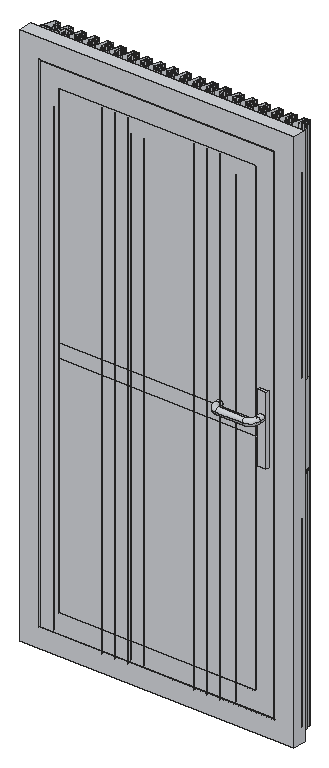
Revit family "NLRS_31_DO_WB_VS42 enkele deur-AV_jazo_jazo", category Doors, host Wall, Revit 2020 (continued)
Definition of nested family "NLRS_31_GM_UN_aluminium planken opbouwroosters-AV"
  Definition of nested family "NLRS_31_GM_UN_tussenplank 200 horizontaal-AV"
    Forms (mm)
      Extrusion 1, solid, material <- "NLRS_C_materiaal"
        sketch origin (0, 0, 0) x (0, 1, 0) y (0, 0, 1)
          loop
            line (-13.008, 105.907) -> (12.992, 105.907) -> (12.992, 197.515) -> (10.742, 197.515) -> (10.742, 202.3) -> (-10.758, 202.3) -> (-10.758, 197.515) -> (-13.008, 197.515) -> (-13.008, 105.907)
        from -513.5 to 513.5
    Dimensions and locks
      equal spacing: plane 5 "Left", plane 3 "Center (Left/Right)", plane 6 "Right"
      "NLRS_C_breedte": plane 5 "Left" to plane 6 "Right"
      "NLRS_C_hoogte": plane 4 "Top" to plane 2 "Bottom"
      equal spacing: plane 4 "Top", plane 7 "Center (Elevation)", level
      aligned and locked: level to plane 2 "Bottom"
      aligned and locked: plane 5 "Left" to Extrusion 1
      aligned and locked: Extrusion 1 to plane 6 "Right"
    Automatic sketch dimensions
      plane 1 "Center (Front/Back)" to Extrusion 1 sketch curve = 15.008 mm
      Extrusion 1 sketch curve to Extrusion 1 sketch curve = 0 mm  (x5)
      Extrusion 1 sketch curve to Extrusion 1 sketch curve = 0.707 mm  (x2)
      Extrusion 1 sketch curve to Extrusion 1 sketch curve = 2 mm  (x8)
      Extrusion 1 sketch curve to Extrusion 1 sketch curve = 1.293 mm
      Extrusion 1 sketch curve to Extrusion 1 sketch curve = 2.5 mm  (x2)
      Extrusion 1 sketch curve to Extrusion 1 sketch curve = 1.75 mm  (x2)
      Extrusion 1 sketch curve to Extrusion 1 sketch curve = 3.565 mm
      Extrusion 1 sketch curve to Extrusion 1 sketch curve = 5.815 mm
      Extrusion 1 sketch curve to Extrusion 1 sketch curve = 14.385 mm  (x2)
      level to Extrusion 1 sketch curve = 18.2 mm  (x2)
      Extrusion 1 sketch curve to Extrusion 1 sketch curve = 3.3 mm
      Extrusion 1 sketch curve to Extrusion 1 sketch curve = 3.55 mm
      Extrusion 1 sketch curve to Extrusion 1 sketch curve = 5.8 mm
      Extrusion 1 sketch curve to Extrusion 1 sketch curve = 1.292 mm
      Extrusion 1 sketch curve to Extrusion 1 sketch curve = 0.708 mm  (x3)
      Extrusion 1 sketch curve to Extrusion 1 sketch curve = 8.2 mm
      Extrusion 1 sketch curve to Extrusion 1 sketch curve = 2.515 mm
      Extrusion 1 sketch curve to Extrusion 1 sketch curve = 4.79 mm  (x2)
      Extrusion 1 sketch curve to Extrusion 1 sketch curve = 3.21 mm  (x2)
      level to Extrusion 1 sketch curve = 101.793 mm
      Extrusion 1 sketch curve to Extrusion 1 sketch curve = 0.003 mm
      Extrusion 1 sketch curve to Extrusion 1 sketch curve = 1.407 mm
      Extrusion 1 sketch curve to Extrusion 1 sketch curve = 91.607 mm
      Extrusion 1 sketch curve to Extrusion 1 sketch curve = 2.785 mm
      Extrusion 1 sketch curve to Extrusion 1 sketch curve = 0.62 mm  (x2)
      Extrusion 1 sketch curve to Extrusion 1 sketch curve = 2.7 mm
Definition of nested family "NLRS_31_DI_UN_markering"
  Parameters (values of type "NLRS_C_31_DI_markering")
    URL = "www.jazo.com"
    NLRS_C_zichtbaar_01 = if(or(NLRS_C_brandwerend, NLRS_C_zelfsluitend), 1 < 2, 2 < 1)  # no
    NLRS_C_zelfsluitend = no
    NLRS_C_brandwerend = no
    Manufacturer = "JAZO Zevenaar bv"
    Description = "Markering detail"
  Reference planes
    plane 1 "Center (Front/Back)": y = 0
    plane 2: z = 0
    plane 3 "Center (Left/Right)": x = 0
    plane 4 "voorkant kozijn": y = 30
    plane 5 "achterkant kozijn": y = -30
    plane 6 "Right": x = 20
    plane 7 "Left": x = -20
    plane 8 "offset left": x = -25
    plane 9 "offset right": x = 25
    plane 10 "achterkant": y = -129.538
    plane 11 "voorkant": y = 129.538
  Lines and regions (mm)
    detail lines, in view "Ref. Level", visible <- "NLRS_C_zichtbaar_01"
      curve 1: line (0, -129.538, 0) -> (0, 129.538, 0)
    detail lines, in view "Ref. Level", visible <- "NLRS_C_brandwerend"
      curve 2: line (-20, -129.538, 0) -> (20, -101.53, 0)
      curve 3: line (20, -129.538, 0) -> (-20, -101.53, 0)
      curve 4: line (-20, -101.53, 0) -> (20, -73.522, 0)
      curve 5: line (20, -101.53, 0) -> (-20, -73.522, 0)
      curve 6: line (-20, 129.538, 0) -> (20, 101.53, 0)
      curve 7: line (20, 129.538, 0) -> (-20, 101.53, 0)
      curve 8: line (-20, 101.53, 0) -> (20, 73.522, 0)
      curve 9: line (20, 101.53, 0) -> (-20, 73.522, 0)
    detail lines, in view "Ref. Level", visible <- "NLRS_C_zelfsluitend"
      curve 10: line (-25, -70.021, 0) -> (25, -35.01, 0)
      curve 11: line (25, -35.01, 0) -> (-25, 0, 0)
      curve 12: line (-25, 0, 0) -> (25, 35.01, 0)
      curve 13: line (25, 35.01, 0) -> (-25, 70.021, 0)
  Dimensions and locks
    equal spacing: plane 5 "achterkant kozijn", plane 1 "Center (Front/Back)", plane 4 "voorkant kozijn"
    equal spacing: plane 7 "Left", plane 3 "Center (Left/Right)", plane 6 "Right"
    locked: plane 7 "Left" to plane 6 "Right" at 40
    locked: plane 8 "offset left" to plane 7 "Left" at 5
    locked: plane 6 "Right" to plane 9 "offset right" at 5
    equal spacing: plane 11 "voorkant", plane 1 "Center (Front/Back)", plane 10 "achterkant"
    locked: plane 11 "voorkant" to plane 10 "achterkant" at 259.077
    locked: plane 5 "achterkant kozijn" to plane 4 "voorkant kozijn" at 60
    aligned and locked: plane 3 "Center (Left/Right)" to curve 1
  Automatic sketch dimensions
    curve 12 to plane 8 "offset left" = 0 mm
    curve 10 to plane 8 "offset left" = 0 mm
    curve 13 to plane 8 "offset left" = 0 mm
    curve 3 to plane 7 "Left" = 0 mm
    curve 8 to plane 7 "Left" = 0 mm
    curve 9 to plane 7 "Left" = 0 mm
    curve 5 to plane 7 "Left" = 0 mm
    curve 6 to plane 7 "Left" = 0 mm
    curve 8 to plane 6 "Right" = 0 mm
    curve 9 to plane 6 "Right" = 0 mm
    curve 7 to plane 6 "Right" = 0 mm
    curve 2 to plane 6 "Right" = 0 mm
    curve 3 to plane 6 "Right" = 0 mm
    curve 4 to plane 6 "Right" = 0 mm
    curve 13 to plane 9 "offset right" = 0 mm
    curve 11 to plane 9 "offset right" = 0 mm
    plane 5 "achterkant kozijn" to curve 3 = 71.53 mm
    curve 3 to curve 2 = 0 mm
    plane 5 "achterkant kozijn" to curve 10 = 5.01 mm
    plane 1 "Center (Front/Back)" to curve 12 = 0 mm
    curve 12 to plane 4 "voorkant kozijn" = 5.01 mm
    curve 12 to curve 6 = 66.52 mm
    curve 7 to curve 6 = 0 mm
    curve 3 to curve 2 = 28.008 mm
    curve 2 to curve 4 = 28.008 mm
    curve 3 to curve 5 = 28.008 mm
    curve 5 to curve 10 = 3.501 mm
    curve 13 to curve 7 = 31.509 mm
    curve 8 to curve 6 = 28.008 mm
    curve 13 to curve 9 = 3.501 mm
    curve 7 to curve 1 = 28.008 mm
    curve 6 to curve 1 = 0 mm
    curve 1 to curve 7 = 0 mm
    curve 2 to plane 7 "Left" = 0 mm
    curve 2 to curve 3 = 28.008 mm
    curve 1 to curve 3 = 0 mm
Definition of nested family "NLRS_31_GA_UN_error message"
  Parameters (values of type "NLRS_31_GA_UN_error mesage")
    NLRS_C_zichtbaar_10 = if(NLRS_C_zichtbaar_01, 1 < 2, if(NLRS_C_zichtbaar_02, 1 < 2, if(NLRS_C_zichtbaar_03, 1 < 2, if(NLRS_C_zichtbaar_04, 1 < 2, if(NLRS_C_zichtbaar_05, 1 < 2, 2 < 1)))))  # yes
    NLRS_C_zichtbaar_05 = if(and(JAZO_C_aluminium kozijn, NLRS_C_brandwerend), 1 < 2, 2 < 1)  # yes
    NLRS_C_zichtbaar_04 = if(NLRS_C_breedte < NLRS_C_breedte_min, 1 < 2, 2 < 1)  # no
    NLRS_C_zichtbaar_03 = if(NLRS_C_breedte > NLRS_C_breedte_max, 1 < 2, 2 < 1)  # no
    NLRS_C_zichtbaar_02 = if(NLRS_C_hoogte < NLRS_C_hoogte_min, 1 < 2, 2 < 1)  # no
    NLRS_C_zichtbaar_01 = if(NLRS_C_hoogte > NLRS_C_hoogte_max, 1 < 2, 2 < 1)  # no
    NLRS_C_hoogte_min = 1850 mm
    NLRS_C_hoogte_max = 2645 mm
    NLRS_C_hoogte = 2500 mm
    NLRS_C_breedte_min = 850 mm
    NLRS_C_breedte_max = 1661 mm
    NLRS_C_breedte = 1000 mm
    NLRS_C_brandwerend = yes
    JAZO_C_aluminium kozijn = yes
  Reference planes
    plane 1: y = 0
    plane 2: x = 0
  Lines and regions (mm)
    Filled region 1, type "Zwart", not visible
      outline origin (253.64, 140.595, 0) x (1, 0, 0) y (0, 1, 0)
        loop
          line (134.592, 287.146) -> (41.891, 131.062)
          arc (41.891, 131.062) -> (41.863, 128.047) -> (44.47, 126.53) r 3
          line (44.47, 126.53) -> (229.873, 126.53)
          arc (229.873, 126.53) -> (232.48, 128.047) -> (232.452, 131.062) r 3
          line (232.452, 131.062) -> (139.751, 287.146)
          arc (139.751, 287.146) -> (137.171, 288.614) -> (134.592, 287.146) r 3
        loop
          line (62.04, 139.53) -> (212.303, 139.53) -> (137.171, 266.031) -> (62.04, 139.53)
    Filled region 2, type "Geel", not visible
      outline origin (253.64, 140.595, 0) x (1, 0, 0) y (0, 1, 0)
        loop
          line (62.04, 139.53) -> (212.303, 139.53) -> (137.171, 266.031) -> (62.04, 139.53)
    Filled region 3, type "Zwart", not visible
      outline origin (253.64, 140.595, 0) x (1, 0, 0) y (0, 1, 0)
        loop
          line (127.78, 234.406) -> (132.476, 171.156) -> (141.867, 171.156) -> (146.563, 234.406) -> (127.78, 234.406)
        loop
          circle (137.171, 160.994) r 7.044
    Filled region 4, type "Rood 2", visible <- "NLRS_C_zichtbaar_10"
      outline origin (0, 0, 0) x (1, 0, 0) y (0, 1, 0)
        loop
          line (-50, 14) -> (-50, -14) -> (50, -14) -> (50, 14) -> (-50, 14)
  Text (mm)
    text "Error: Height > Max Height" at (-1.89, -0.035, 0), visible <- "NLRS_C_zichtbaar_01"
    text "Error: Height < Min Height" at (-1.89, -0.035, 0), visible <- "NLRS_C_zichtbaar_02"
    text "Error: Width > Max Width" at (-1.89, -6.035, 0), visible <- "NLRS_C_zichtbaar_03"
    text "Error: Width < Min Width" at (-1.89, -6.035, 0), visible <- "NLRS_C_zichtbaar_04"
    text "Error: Aluminium kozijn ≠ brandwerend" at (-1.89, 5.965, 0), visible <- "NLRS_C_zichtbaar_05"
  Dimensions and locks
    equal spacing: Filled region 4 sketch curve, plane 1, Filled region 4 sketch curve
    Filled region 4 sketch curve to Filled region 4 sketch curve = 28 mm
    plane 1 to Filled region 4 sketch curve = 14 mm
    equal spacing: Filled region 4 sketch curve, plane 2, Filled region 4 sketch curve
    Filled region 4 sketch curve to plane 2 = 50 mm
Definition of nested family "NLRS_31_DI_UN_scharnier detail HS42R HJ44"
  Parameters (values of type "scharnier detail HS42R HJ44")
    URL = "www.jazo.com"
    Manufacturer = "JAZO Zevenaar bv"
    JAZO_C_forster presto kozijn = yes
    JAZO_C_aluminium kozijn = no
    Description = "scharnier detail HS42R HJ44"
  Reference planes
    plane 1 "Center (Front/Back)": y = 0
    plane 2: z = 0
    plane 3 "Center (Left/Right)": x = 0
    plane 4 "offset": x = 20
  Lines and regions (mm)
    Filled region 1, type "Solid Fill - White", in view "Ref. Level", visible <- "JAZO_C_forster presto kozijn"
      outline origin (0, 0, 0) x (1, 0, 0) y (0, 1, 0)
        loop
          line (95, 0) -> (95, 6)
          arc (95, 6) -> (93.536, 9.536) -> (90, 11) r 5
          line (90, 11) -> (33, 11)
          arc (33, 11) -> (27.343, 13.343) -> (25, 19) r 8
          line (25, 19) -> (25, 44.5) -> (15, 44.5) -> (15, 6) -> (19, 2) -> (44.5, 2) -> (44.5, 0) -> (95, 0)
        loop
          line (15.5, 49.5) -> (24.5, 49.5) -> (24.5, 58.5) -> (15.5, 58.5) -> (15.5, 49.5)
    Filled region 2, type "Solid Fill - White", in view "Ref. Level", visible <- "JAZO_C_forster presto kozijn"
      outline origin (0, -20, 0) x (1, 0, 0) y (0, 1, 0)
        loop
          circle (20, 74) r 9.5
    Filled region 3, type "Solid Fill - White", in view "Ref. Level", visible <- "JAZO_C_aluminium kozijn"
      outline origin (20.01, 61.5, 0) x (1, 0, 0) y (0, 1, 0)
        loop
          arc (-4, -61.5) -> (-3.293, -61.207) -> (-3, -60.5) r 1
          line (-3, -60.5) -> (-3, -12.49)
          arc (-3, -12.49) -> (-2.247, -10.702) -> (-0.442, -9.991) r 2.5
          arc (-0.442, -9.991) -> (1.661, -9.859) -> (3.69, -9.29) r 10
          arc (3.69, -9.29) -> (6.549, -9.038) -> (9.076, -10.4) r 5
          line (9.076, -10.4) -> (12.99, -14.314) -> (12.99, -60.5)
          arc (12.99, -60.5) -> (13.283, -61.207) -> (13.99, -61.5) r 1
          line (13.99, -61.5) -> (19.99, -61.5)
          arc (19.99, -61.5) -> (20.697, -61.207) -> (20.99, -60.5) r 1
          line (20.99, -60.5) -> (20.99, -11) -> (9.99, 0)
          arc (9.99, 0) -> (-1.629, 9.868) -> (-9.486, -3.195) r 10
          arc (-9.486, -3.195) -> (-9.518, -3.668) -> (-9.764, -4.074) r 1
          line (-9.764, -4.074) -> (-13, -7.31) -> (-13, -60.5)
          arc (-13, -60.5) -> (-12.707, -61.207) -> (-12, -61.5) r 1
          line (-12, -61.5) -> (-4, -61.5)
    detail lines, in view "Ref. Level", visible <- "JAZO_C_forster presto kozijn"
      curve 1: arc (11, 54, 0) -> (20, 45, 0) -> (29, 54, 0) r 9
      curve 2: arc (11.5, 54, 0) -> (20, 45.5, 0) -> (28.5, 54, 0) r 8.5
      curve 3: arc (28.5, 54, 0) -> (20, 62.5, 0) -> (11.5, 54, 0) r 8.5
      curve 4: arc (29, 54, 0) -> (20, 63, 0) -> (11, 54, 0) r 9
    detail lines, in view "Ref. Level", visible <- "JAZO_C_aluminium kozijn"
      curve 5: arc (10.524, 58.305, 0) -> (14.168, 53.376, 0) -> (20.004, 51.5, 0) r 10
      curve 6: arc (23.526, 52.137, 0) -> (28.23, 55.798, 0) -> (30.015, 61.485, 0) r 10
  Dimensions and locks
    locked: plane 3 "Center (Left/Right)" to plane 4 "offset" at 20
Definition of nested family "NLRS_31_GM_UN_scharnier aluminium HS42R HJ44-AV"
  Parameters (values of type "scharnier aluminium HS42R HJ44")
    URL = "www.jazo.com"
    NLRS_C_materiaal = none
    Model = ""
    Manufacturer = "JAZO Zevenaar bv"
    JAZO_C_aluminium kozijn = no
    Description = "scharnier aluminium HS42R HJ44"
    Default Elevation = 0 mm
    Assembly Code = "23.30.40.24.11"
  Reference planes
    plane 1 "Center (Front/Back)": y = 0
    plane 2 "Bottom": z = 0
    plane 3 "Center (Left/Right)": x = 0
    plane 4 "voorkant kozijn": y = -61.5
    plane 5 "Top": z = 180
    plane 6 "Left": x = -20
    plane 7 "Center (Elevation)": z = 90
  Forms (mm)
    Extrusion 1, solid, material <- "NLRS_C_materiaal", visible <- "JAZO_C_aluminium kozijn"
      sketch origin (-333.442, 147.952, 0) x (0, -1, 0) y (1, 0, 0)
        loop
          arc (157.242, 337.147) -> (138.898, 337.692) -> (151.05, 323.939) r 10
          arc (151.05, 323.939) -> (151.573, 323.943) -> (152.026, 323.683) r 1
          line (152.026, 323.683) -> (155.262, 320.447) -> (208.452, 320.447)
          arc (208.452, 320.447) -> (209.159, 320.74) -> (209.452, 321.447) r 1
          line (209.452, 321.447) -> (209.452, 329.447)
          arc (209.452, 329.447) -> (209.159, 330.154) -> (208.452, 330.447) r 1
          line (208.452, 330.447) -> (160.442, 330.447)
          arc (160.442, 330.447) -> (158.639, 331.215) -> (157.944, 333.047) r 2.5
          arc (157.944, 333.047) -> (157.809, 335.134) -> (157.242, 337.147) r 10
      from 52.5 to 127.5
    Extrusion 2, solid, material <- "NLRS_C_materiaal", visible <- "JAZO_C_aluminium kozijn"
      sketch origin (-333.449, 147.952, 0) x (0, -1, 0) y (1, 0, 0)
        loop
          arc (147.952, 343.447) -> (142.34, 325.17) -> (157.242, 337.147) r 10
          arc (157.242, 337.147) -> (156.99, 340.006) -> (158.352, 342.533) r 5
          line (158.352, 342.533) -> (162.266, 346.447) -> (208.452, 346.447)
          arc (208.452, 346.447) -> (209.159, 346.74) -> (209.452, 347.447) r 1
          line (209.452, 347.447) -> (209.452, 353.447)
          arc (209.452, 353.447) -> (209.159, 354.154) -> (208.452, 354.447) r 1
          line (208.452, 354.447) -> (158.952, 354.447) -> (147.952, 343.447)
      from 130 to 180
    Extrusion 3, solid, material <- "NLRS_C_materiaal", visible <- "JAZO_C_aluminium kozijn"
      sketch origin (-333.452, 147.952, 0) x (0, -1, 0) y (1, 0, 0)
        loop
          arc (147.952, 343.447) -> (142.34, 325.17) -> (157.242, 337.147) r 10
          arc (157.242, 337.147) -> (156.99, 340.006) -> (158.352, 342.533) r 5
          line (158.352, 342.533) -> (162.266, 346.447) -> (208.452, 346.447)
          arc (208.452, 346.447) -> (209.159, 346.74) -> (209.452, 347.447) r 1
          line (209.452, 347.447) -> (209.452, 353.447)
          arc (209.452, 353.447) -> (209.159, 354.154) -> (208.452, 354.447) r 1
          line (208.452, 354.447) -> (158.952, 354.447) -> (147.952, 343.447)
      from 0 to 50
    Extrusion 4, solid, material <- "NLRS_C_materiaal", visible <- "JAZO_C_aluminium kozijn"
      sketch origin (-333.449, 147.952, 0) x (0, -1, 0) y (1, 0, 0)
        loop
          circle (147.952, 333.447) r 10
      from 50 to 52.5
    Extrusion 5, solid, material <- "NLRS_C_materiaal", visible <- "JAZO_C_aluminium kozijn"
      sketch origin (-333.447, 147.952, 0) x (0, -1, 0) y (1, 0, 0)
        loop
          circle (147.952, 333.447) r 10
      from 127.5 to 130
  Dimensions and locks
    locked: plane 6 "Left" to plane 3 "Center (Left/Right)" at 20
    locked: plane 4 "voorkant kozijn" to plane 1 "Center (Front/Back)" at 61.5
    equal spacing: plane 5 "Top", plane 7 "Center (Elevation)", plane 2 "Bottom"
    aligned and locked: level to plane 2 "Bottom"
    aligned and locked: Extrusion 2 to plane 4 "voorkant kozijn"
    aligned and locked: Extrusion 3 to plane 4 "voorkant kozijn"
    aligned and locked: Extrusion 1 to plane 4 "voorkant kozijn"
  Automatic sketch dimensions
    Extrusion 1 sketch curve to Extrusion 1 sketch curve = 0 mm  (x3)
    plane 4 "voorkant kozijn" to Extrusion 1 sketch curve = 0 mm
    Extrusion 1 sketch curve to plane 4 "voorkant kozijn" = 1 mm  (x2)
    Extrusion 1 sketch curve to plane 3 "Center (Left/Right)" = 2.995 mm
    plane 1 "Center (Front/Back)" to Extrusion 1 sketch curve = 12.49 mm
    plane 1 "Center (Front/Back)" to Extrusion 1 sketch curve = 7.31 mm
    plane 1 "Center (Front/Back)" to Extrusion 1 sketch curve = 4.074 mm
    Extrusion 1 sketch curve to Extrusion 1 sketch curve = 0.707 mm  (x2)
    plane 1 "Center (Front/Back)" to Extrusion 1 sketch curve = 0 mm
    Extrusion 1 sketch curve to plane 3 "Center (Left/Right)" = 9.759 mm
    Extrusion 1 sketch curve to Extrusion 1 sketch curve = 8 mm
    Extrusion 1 sketch curve to plane 3 "Center (Left/Right)" = 0.495 mm
    plane 3 "Center (Left/Right)" to Extrusion 1 sketch curve = 0.005 mm
    plane 3 "Center (Left/Right)" to Extrusion 1 sketch curve = 3.705 mm
    plane 1 "Center (Front/Back)" to Extrusion 2 sketch curve = 0 mm
    plane 4 "voorkant kozijn" to Extrusion 2 sketch curve = 0 mm
    plane 1 "Center (Front/Back)" to Extrusion 2 sketch curve = 10.4 mm
    plane 1 "Center (Front/Back)" to Extrusion 2 sketch curve = 11 mm
    Extrusion 2 sketch curve to Extrusion 2 sketch curve = 3.536 mm  (x2)
    Extrusion 2 sketch curve to Extrusion 2 sketch curve = 3.914 mm  (x2)
    Extrusion 2 sketch curve to plane 4 "voorkant kozijn" = 1 mm  (x2)
    Extrusion 2 sketch curve to plane 3 "Center (Left/Right)" = 0.003 mm
    plane 3 "Center (Left/Right)" to Extrusion 2 sketch curve = 5.548 mm
    Extrusion 2 sketch curve to Extrusion 2 sketch curve = 6 mm
    plane 3 "Center (Left/Right)" to Extrusion 2 sketch curve = 3.698 mm
    Extrusion 2 sketch curve to Extrusion 2 sketch curve = 0 mm
    plane 4 "voorkant kozijn" to Extrusion 3 sketch curve = 0 mm
    Extrusion 3 sketch curve to plane 4 "voorkant kozijn" = 1 mm  (x2)
    plane 1 "Center (Front/Back)" to Extrusion 3 sketch curve = 14.314 mm
    Extrusion 3 sketch curve to Extrusion 3 sketch curve = 0.378 mm
    Extrusion 3 sketch curve to Extrusion 3 sketch curve = 3.314 mm
    Extrusion 3 sketch curve to Extrusion 3 sketch curve = 3.536 mm  (x2)
    Extrusion 3 sketch curve to plane 1 "Center (Front/Back)" = 0 mm
    Extrusion 3 sketch curve to plane 3 "Center (Left/Right)" = 0.005 mm
    plane 3 "Center (Left/Right)" to Extrusion 3 sketch curve = 5.545 mm
    Extrusion 3 sketch curve to Extrusion 3 sketch curve = 3.914 mm
    Extrusion 3 sketch curve to Extrusion 3 sketch curve = 6 mm
    plane 3 "Center (Left/Right)" to Extrusion 3 sketch curve = 3.695 mm
    Extrusion 3 sketch curve to Extrusion 3 sketch curve = 0 mm
    Extrusion 4 sketch curve to plane 1 "Center (Front/Back)" = 0 mm
    Extrusion 4 sketch curve to plane 3 "Center (Left/Right)" = 0.003 mm
    plane 1 "Center (Front/Back)" to Extrusion 5 sketch curve = 0 mm
    Extrusion 5 sketch curve to plane 3 "Center (Left/Right)" = 0 mm
    radius of Extrusion 4 sketch curve = 10 mm
    radius of Extrusion 5 sketch curve = 10 mm
Definition of nested family "NLRS_31_DI_UN_beslagbak detail VS42"
  Parameters (values of type "beslagbak detail VS42")
    URL = "www.jazo.com"
    Manufacturer = "JAZO Zevenaar bv"
    JAZO_C_opbouwrooster VS42 = yes
    JAZO_C_forster presto kozijn = yes
    JAZO_C_aluminium kozijn = no
    Description = "beslagbak detail VS42"
  Reference planes
    plane 1 "Center (Front/Back)": y = 0
    plane 2: z = 0
    plane 3 "Center (Left/Right)": x = 0
    plane 4 "offset rechts": x = 84.4
    plane 5 "alu": y = -70.992
    plane 6 "st": y = -90.992
    plane 7: y = 20
  Lines and regions (mm)
    Filled region 1, type "Solid Fill - White", in view "Ref. Level", visible <- "JAZO_C_aluminium kozijn"
      outline origin (0, 41.508, 0) x (1, 0, 0) y (0, 1, 0)
        loop
          line (11, -124.5) -> (16, -124.5) -> (16, -112.5) -> (-16, -112.5) -> (-16, -124.5) -> (-11, -124.5) -> (-11, -146.5)
          arc (-11, -146.5) -> (-15.027, -156.222) -> (-24.749, -160.249) r 13.749
          line (-24.749, -160.249) -> (-120.749, -160.249)
          arc (-120.749, -160.249) -> (-130.471, -156.222) -> (-134.497, -146.5) r 13.749
          line (-134.497, -146.5) -> (-134.497, -135.5) -> (-156.497, -135.5) -> (-156.497, -146.5)
          arc (-156.497, -146.5) -> (-146.027, -171.778) -> (-120.749, -182.249) r 35.749
          line (-120.749, -182.249) -> (-24.749, -182.249)
          arc (-24.749, -182.249) -> (0.529, -171.778) -> (11, -146.5) r 35.749
          line (11, -146.5) -> (11, -124.5)
    Filled region 2, type "Solid Fill - White", in view "Ref. Level", visible <- "JAZO_C_forster presto kozijn"
      outline origin (0, 21.508, 0) x (1, 0, 0) y (0, 1, 0)
        loop
          line (11, -124.5) -> (16, -124.5) -> (16, -112.5) -> (-16, -112.5) -> (-16, -124.5) -> (-11, -124.5) -> (-11, -146.5)
          arc (-11, -146.5) -> (-15.027, -156.222) -> (-24.749, -160.249) r 13.749
          line (-24.749, -160.249) -> (-120.749, -160.249)
          arc (-120.749, -160.249) -> (-130.471, -156.222) -> (-134.497, -146.5) r 13.749
          line (-134.497, -146.5) -> (-134.497, -135.5) -> (-156.497, -135.5) -> (-156.497, -146.5)
          arc (-156.497, -146.5) -> (-146.027, -171.778) -> (-120.749, -182.249) r 35.749
          line (-120.749, -182.249) -> (-24.749, -182.249)
          arc (-24.749, -182.249) -> (0.529, -171.778) -> (11, -146.5) r 35.749
          line (11, -146.5) -> (11, -124.5)
    Filled region 3, type "Solid Fill - White", in view "Ref. Level", visible <- "JAZO_C_opbouwrooster VS42"
      outline origin (0, 41.508, 0) x (1, 0, 0) y (0, 1, 0)
        loop
          line (-25, -25.5) -> (-11, -25.5) -> (-11, -55.5) -> (-16, -55.5) -> (-16, -67.5) -> (16, -67.5) -> (16, -55.5) -> (11, -55.5) -> (11, -25.5) -> (25, -25.5) -> (25, -9.5) -> (-25, -9.5) -> (-25, -25.5)
    Filled region 4, type "Solid Fill - White", in view "Ref. Level"
      outline origin (0, 90.992, 0) x (1, 0, 0) y (0, 1, 0)
        loop
          line (-74.017, -120.983) -> (46.442, -120.983) -> (59.357, -72.783) -> (74.841, -72.783) -> (82.631, -101.857)
          arc (82.631, -101.857) -> (83.72, -102.497) -> (84.376, -101.417) r 0.9
          line (84.376, -101.417) -> (76.413, -71.697)
          arc (76.413, -71.697) -> (76.052, -71.181) -> (75.455, -70.983) r 1
          line (75.455, -70.983) -> (56.979, -70.983)
          arc (56.979, -70.983) -> (56.37, -71.19) -> (56.013, -71.724) r 1
          line (56.013, -71.724) -> (53.539, -80.956) -> (30.884, -80.956) -> (28.41, -71.724)
          arc (28.41, -71.724) -> (28.053, -71.19) -> (27.444, -70.983) r 1
          line (27.444, -70.983) -> (8.979, -70.983)
          arc (8.979, -70.983) -> (8.37, -71.19) -> (8.013, -71.724) r 1
          line (8.013, -71.724) -> (5.539, -80.956) -> (-17.116, -80.956) -> (-19.59, -71.724)
          arc (-19.59, -71.724) -> (-19.947, -71.19) -> (-20.556, -70.983) r 1
          line (-20.556, -70.983) -> (-39.021, -70.983)
          arc (-39.021, -70.983) -> (-39.63, -71.19) -> (-39.987, -71.724) r 1
          line (-39.987, -71.724) -> (-48.24, -102.524) -> (-74.017, -102.524) -> (-74.017, -120.983)
    detail lines, in view "Ref. Level", visible <- "JAZO_C_aluminium kozijn"
      curve 1: line (-16, -82.992, 0) -> (16, -82.992, 0)
    detail lines, in view "Ref. Level", visible <- "JAZO_C_forster presto kozijn"
      curve 2: line (-16, -102.992, 0) -> (16, -102.992, 0)
    detail lines, in view "Ref. Level", visible <- "JAZO_C_opbouwrooster VS42"
      curve 3: line (-11, 16.008, 0) -> (11, 16.008, 0)
      curve 4: line (-11, -13.992, 0) -> (11, -13.992, 0)
    detail lines, in view "Ref. Level"
      curve 5: line (-70.017, -11.532, 0) -> (-70.017, -25.992, 0)
      curve 6: line (-70.017, -25.992, 0) -> (43.886, -25.992, 0)
      curve 7: line (43.886, -25.992, 0) -> (53.539, 10.035, 0)
  Dimensions and locks
    locked: plane 3 "Center (Left/Right)" to plane 4 "offset rechts" at 84.4
    plane 5 "alu" to plane 1 "Center (Front/Back)" = 70.992 mm
    plane 5 "alu" to plane 6 "st" = 20 mm
    locked: plane 1 "Center (Front/Back)" to plane 7 at 20
Definition of nested family "NLRS_31_GM_UN_door swing"
  Parameters (values of type "door swing")
    URL = "www.jazo.com"
    NLRS_C_hoek [instance] = 50.00°
    NLRS_C_breedte [instance] = 1000 mm
    Model = "Door swing"
    Manufacturer = "JAZO Zevenaar bv"
    Description = "Door swing"
    Default Elevation = 0 mm
  Reference planes
    plane 1 "Center (Front/Back)": y = 0
    plane 2: z = 0
    plane 3 "Center (Left/Right)": x = 0
    plane 4 "Left": x = -1000
  Lines and regions (mm)
    reference lines
      curve 1: line (0, 0, 0) -> (-642.788, 766.044, 0)
    model lines
      curve 2: line (0, 0, 0) -> (-642.788, 766.044, 0)
      curve 3: arc (-1000, 0, 0) -> (-906.308, 422.618, 0) -> (-642.788, 766.044, 0) r 1000
  Dimensions and locks
    "NLRS_C_breedte": plane 4 "Left" to plane 3 "Center (Left/Right)"
    "NLRS_C_breedte": curve 1 to curve 1
    "NLRS_C_hoek": angle curve 1 to plane 1 "Center (Front/Back)"
    aligned and locked: level to plane 2
    aligned and locked: plane 3 "Center (Left/Right)" to curve 1
    aligned and locked: plane 1 "Center (Front/Back)" to curve 1
    aligned and locked: curve 2 to curve 1
    aligned and locked: plane 3 "Center (Left/Right)" to curve 3
    aligned and locked: plane 1 "Center (Front/Back)" to curve 3  (x2)
    aligned and locked: curve 1 to curve 3
    aligned and locked: plane 4 "Left" to curve 3
  Automatic sketch dimensions
    plane 1 "Center (Front/Back)" to curve 2 = 0 mm
Definition of nested family "NLRS_31_GA_UN_error message paniekfunctie"
  Parameters (values of type "error message")
    NLRS_C_zichtbaar_01 = if(and(JAZO_C_paniekfunctie, JAZO_C_ventilerend, NLRS_C_inbraakwerend), 1 < 2, 2 < 1)  # yes
    NLRS_C_inbraakwerend = yes
    JAZO_C_ventilerend = yes
    JAZO_C_paniekfunctie = yes
  Reference planes
    plane 1: y = 0
    plane 2: x = 0
  Lines and regions (mm)
    Filled region 1, type "Zwart", not visible
      outline origin (253.64, 140.595, 0) x (1, 0, 0) y (0, 1, 0)
        loop
          line (134.592, 287.146) -> (41.891, 131.062)
          arc (41.891, 131.062) -> (41.863, 128.047) -> (44.47, 126.53) r 3
          line (44.47, 126.53) -> (229.873, 126.53)
          arc (229.873, 126.53) -> (232.48, 128.047) -> (232.452, 131.062) r 3
          line (232.452, 131.062) -> (139.751, 287.146)
          arc (139.751, 287.146) -> (137.171, 288.614) -> (134.592, 287.146) r 3
        loop
          line (62.04, 139.53) -> (212.303, 139.53) -> (137.171, 266.031) -> (62.04, 139.53)
    Filled region 2, type "Geel", not visible
      outline origin (253.64, 140.595, 0) x (1, 0, 0) y (0, 1, 0)
        loop
          line (62.04, 139.53) -> (212.303, 139.53) -> (137.171, 266.031) -> (62.04, 139.53)
    Filled region 3, type "Zwart", not visible
      outline origin (253.64, 140.595, 0) x (1, 0, 0) y (0, 1, 0)
        loop
          line (127.78, 234.406) -> (132.476, 171.156) -> (141.867, 171.156) -> (146.563, 234.406) -> (127.78, 234.406)
        loop
          circle (137.171, 160.994) r 7.044
    Filled region 4, type "Rood 2", visible <- "NLRS_C_zichtbaar_01"
      outline origin (0, 0, 0) x (1, 0, 0) y (0, 1, 0)
        loop
          line (-50, 14) -> (-50, -14) -> (50, -14) -> (50, 14) -> (-50, 14)
  Text (mm)
    text "De combinatie tussen inbraakwerend, ventilerend en paniekfunctie kan niet worden toegepast.\n1 van deze onderdelen moet worden uitgezet.\nVoor specificaties of mogelijkheden, neem contact op. " at (-0.015, -2.617, 0), visible <- "NLRS_C_zichtbaar_01"
    text "Error: paniekfunctie" at (-1.89, 5.965, 0), visible <- "NLRS_C_zichtbaar_01"
  Dimensions and locks
    equal spacing: Filled region 4 sketch curve, plane 1, Filled region 4 sketch curve
    Filled region 4 sketch curve to Filled region 4 sketch curve = 28 mm
    plane 1 to Filled region 4 sketch curve = 14 mm
    equal spacing: Filled region 4 sketch curve, plane 2, Filled region 4 sketch curve
    Filled region 4 sketch curve to plane 2 = 50 mm
